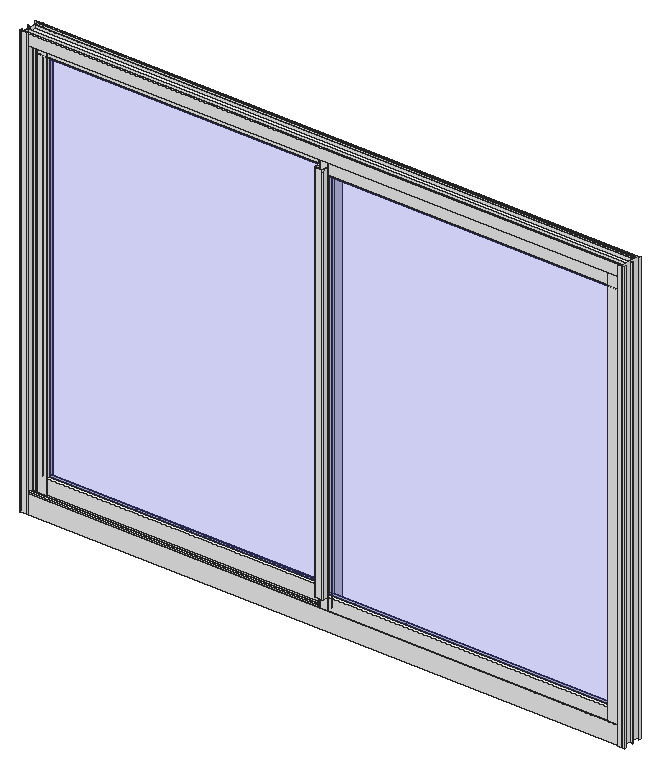
Revit family "Elite_Sliding_Window_OX_Standard", category Windows, host Wall, Revit 2014 (continued)
Types (109, lengths in mm): name | Windload Design | Width Sash Right | Width Sash Left | Width | Standard Interlocker | Sash Width Right | Sash Width Left | Sash Height | Overall Width | Overall Height | Outside Heavy Duty Interlocker | Max Pane Area | Limit Window Width Max | Limit Sash Width Left Min | Limit Sash Width Left Max | Intruderprufe U Value | Intruderprufe SHGC Value | Intruderprufe LowE U Value | Intruderprufe LowE SHGC Value | Interlocker Configuration | Height Sash | Inside Heavy Duty Interlocker | Height | Glazing Thickness | Energy Advantage U Value | Energy Advantage SHGC Value | Custom Window Width | Custom Window Height | Custom Windload | Clearvue U Value | Clearvue SHGC Value | Area Right Sash Glazing | Area Left Sash Glazing
  Elite-3012OX-1500Pa | 1500 | 1347.9 | 1347.9 | 2990 | no | 1497.9 | 1497.9 | 1107 | 2690 | 1190 | no | 1.45744 m² | 2994.2 | 1495.8 | 1500 | 5.66 | 0.725 | 3.93 | 0.636 | 1 | 1107 | yes | 1190 | 4 | 4.03 | 0.684 | 2990 | 1190 | 1500 | 5.79 | 0.764 | 1.45744 m² | 1.45744 m²
  Elite-3012OX-2000Pa | 2000 | 1347.9 | 1347.9 | 2990 | no | 1497.9 | 1497.9 | 1107 | 2690 | 1190 | no | 1.45744 m² | 2994.2 | 1495.8 | 1500 | 5.66 | 0.725 | 3.93 | 0.636 | 1 | 1107 | yes | 1190 | 4 | 4.03 | 0.684 | 2990 | 1190 | 2000 | 5.79 | 0.764 | 1.45744 m² | 1.45744 m²
  Elite-3015OX-1500Pa | 1500 | 447.9 | 447.9 | 2990 | no | 1497.9 | 1497.9 | 1407 | 890 | 590 | yes | 1.88821 m² | 2994.2 | 1495.8 | 1500 | 5.69 | 0.737 | 3.9 | 0.645 | 2 | 507 | yes | 1490 | 5 | 4 | 0.695 | 2990 | 1490 | 1500 | 5.82 | 0.777 | 1.88821 m² | 1.88821 m²
  Elite-3015OX-2000Pa | 2000 | 447.9 | 447.9 | 2990 | no | 1497.9 | 1497.9 | 1407 | 890 | 590 | yes | 1.88821 m² | 2994.2 | 1495.8 | 1500 | 5.69 | 0.737 | 3.9 | 0.645 | 2 | 507 | yes | 1490 | 5 | 4 | 0.695 | 2990 | 1490 | 2000 | 5.82 | 0.777 | 1.88821 m² | 1.88821 m²
